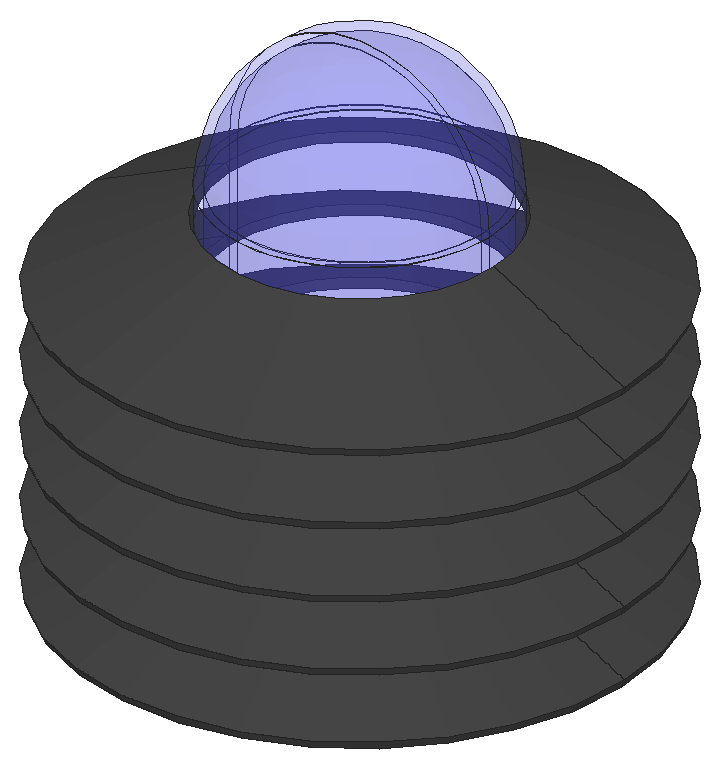
Revit family "B30", category Lighting Fixtures, Revit 2014
Parameters (values of type "B30")
  Wattage Comments = "default"
  Wattage = 12.1178 W
  built-in parameter 1150110 = 1 (stored number, unit not read)
  Voltage = 120 V
  URL = "https://www.hubbell.com/kimlighting/en/"
  Type Comments = "Lighted Bollard"  # constant formula
  built-in parameter 1114217 = 1 (stored number, unit not read)
  Tilt Angle = 90.00°
  built-in parameter 1150109 = 1 (stored number, unit not read)
  built-in parameter 1150134 = (empty or 0)
  built-in parameter 1150113 = 1 (stored number, unit not read)
  Series = "Traditional Bollards"  # constant formula
  Radius = Diameter / 2  # 0' - 4"
  Product Page URL = "https://www.hubbell.com/kimlighting/en/Products/Lighting-Controls/Commercial-Outdoor-Lighting/Bollards/B30-Traditional-Bollards/p/248474"
  Product Documentation Link = "https://hubbellcdn.com/specsheet/kl_b30led_spec.pdf"
  Power Factor = 1
  Photometric Web Link = "https://www.hubbell.com/kimlighting/en/Products/Lighting-Controls/Commercial-Outdoor-Lighting/Bollards/B30-Traditional-Bollards/p/248474#prod-photometry-section"
  Photometric Web File = "b30-8r-10l3k.ies"
  Photometric Notes = "More IES files download on Photometric Web Link"  # constant formula
  Number of Poles = 1
  Model = "B30 Traditional Bollards"  # constant formula
  MasterFormat Title = "Landscape Lighting, Site Lighting, Walkway Lighting"  # constant formula
  Manufacturer = "Kim Lighting"  # constant formula
  Lumens = 1800 lm
  built-in parameter 1150115 = 1 (stored number, unit not read)
  built-in parameter 1150105 = 143.24 (stored number, unit not read)
  Load Classification = Lighting
  built-in parameter 1150137 = (empty or 0)
  built-in parameter 1150139 = (empty or 0)
  built-in parameter 1150112 = 1 (stored number, unit not read)
  built-in parameter 1150114 = 1 (stored number, unit not read)
  Lamp = "LED"  # constant formula
  built-in parameter 1150132 = 2
  built-in parameter 1150102 = (empty or 0)
  built-in parameter 1150138 = (empty or 0)
  built-in parameter 1150107 = 3000 (stored number, unit not read)
  built-in parameter 1150106 = 1.4324 (stored number, unit not read)
  Height = 3' - 6"
  Glass = Glass-KIM-Temper Molded
  Finish = Powder Coat-Kim-Black
  built-in parameter 1150104 = 13.8 (stored number, unit not read)
  Dimming Lamp Color Temperature Shift = <None>
  Diameter = 0' - 8"  # constant formula
  Description = "The B30 Traditional Bollard is clean, simple and precise. The exclusive Kim optical louver system achieves broad light distribution with low glare yet high visibility.\r\n\r\nExclusive Kim optical louver system achieves a broad distribution with low glare\r\nBattery back-up, emergency battery pack and houseside shield options"  # constant formula
  Color Filter = 16777215
  built-in parameter 1114218 = 1 (stored number, unit not read)
  built-in parameter 1150133 = 10 (stored number, unit not read)
  Assembly Code = "D5020200"
  Apparent Load = 0 VA
Reference planes (in)
  plane 1 "Light Source Axis (F/B)": y = 0
  plane 2: z = 0
  plane 3 "Light Source Axis (L/R)": x = 0
  plane 4 "Light Source Elevation": z = 36
  plane 5 "Left": x = -4
  plane 6 "Right": x = 4
  plane 7 "Back": y = 4
  plane 8 "Front": y = -4
  plane 9 "Top": z = 42
  plane 10: z = 33
  plane 11: z = 38
Forms (in)
  Revolve 1, solid, material "Powder Coat-Kim-Black" <- "Finish", detail levels medium+fine
    sketch origin (0, 0, 0) x (1, 0, 0) y (0, 0, 1)
      loop
        line (-4, 33) -> (-1.98859, 33.93794) -> (-2.04141, 34.05123) -> (-4.05283, 33.11329) -> (-4, 33)
      loop
        line (-4, 34) -> (-1.98859, 34.93794) -> (-2.04141, 35.05123) -> (-4.05283, 34.11329) -> (-4, 34)
      loop
        line (-4, 35) -> (-1.98859, 35.93794) -> (-2.04141, 36.05123) -> (-4.05283, 35.11329) -> (-4, 35)
      loop
        line (-4, 36) -> (-1.98859, 36.93794) -> (-2.04141, 37.05123) -> (-4.05283, 36.11329) -> (-4, 36)
      loop
        line (-4, 37) -> (-1.98859, 37.93794) -> (-2.04141, 38.05123) -> (-4.05283, 37.11329) -> (-4, 37)
      axis (0, 33) -> (0, 38.05123)
    angle from 0 to 360
  Revolve 2, solid, material "Glass-KIM-Temper Molded" <- "Glass", detail levels medium+fine
    sketch origin (0, 0, 0) x (1, 0, 0) y (0, 0, 1)
      loop
        line (-1.98859, 33) -> (-1.86359, 33) -> (-1.86359, 38.43794)
        arc (-1.86359, 38.43794) -> (-1.31776, 39.75569) -> (0, 40.30152) r 1.86359
        line (0, 40.30152) -> (0, 40.42652)
        arc (0, 40.42652) -> (-1.40614, 39.84408) -> (-1.98859, 38.43794) r 1.98859
        line (-1.98859, 38.43794) -> (-1.98859, 33)
      axis (0, 33) -> (0, 40.42652)
    angle from 0 to 360
  Revolve 3, solid, material "Powder Coat-Kim-Black" <- "Finish", detail levels coarse
    sketch origin (0, 0, 0) x (1, 0, 0) y (0, 0, 1)
      loop
        line (-4, 0) -> (0, 0) -> (0, 33) -> (-4, 33) -> (-4, 0)
      loop
        line (-4, 38) -> (0, 38) -> (0, 42) -> (-3.25, 42)
        arc (-3.25, 42) -> (-3.78033, 41.78033) -> (-4, 41.25) r 0.75
        line (-4, 41.25) -> (-4, 38)
      axis (0, 42) -> (0, 0)
    angle from 0 to 360
Lines and regions (in)
  Masking region 1
    outline origin (0, 0, 0) x (1, 0, 0) y (0, 1, 0)
      loop
        circle (0, 0) r 4
  symbolic lines, style "LightingFixturesHiddenLines", detail levels fine
    curve 1: circle (-1.76777, 1.76777, 0) r 0.1875 normal (0, 0, 1)
    curve 2: circle (1.76777, 1.76777, 0) r 0.1875 normal (0, 0, -1)
    curve 3: circle (-1.76777, -1.76777, 0) r 0.1875 normal (0, 0, -1)
    curve 4: circle (1.76777, -1.76777, 0) r 0.1875 normal (0, 0, 1)
  symbolic lines, style "LightingFixturesHiddenLines", detail levels medium+fine
    curve 5: circle (0, 0, 0) r 1.875 normal (0, 0, 1)
Dimensions and locks (in)
  equal spacing: plane 7 "Back", plane 1 "Light Source Axis (F/B)", plane 8 "Front"
  "Diameter": plane 7 "Back" to plane 8 "Front"
  equal spacing: plane 5 "Left", plane 3 "Light Source Axis (L/R)", plane 6 "Right"
  "Diameter": plane 5 "Left" to plane 6 "Right"
  "Height": plane 9 "Top" to level
  imposter light to Revolve 2 sketch curve to Revolve 2 sketch curve = 0' - 1.86359" locked, 0' - 0 1/8" locked
  Revolve 2 sketch curve to Revolve 2 sketch curve to Revolve 2 sketch curve to Revolve 2 sketch curve to plane 10 = 0' - 0 1/8" locked, 0' - 1.86359" locked, 0' - 0" locked, 0' - 5.43794" locked
  locked: curve 3 to plane 8 "Front" at 2.23223
  locked: plane 7 "Back" to curve 1 at 2.23223
  locked: plane 7 "Back" to curve 2 at 2.23223
  locked: curve 4 to plane 8 "Front" at 2.23223
  locked: plane 5 "Left" to curve 1 at 2.23223
  locked: plane 5 "Left" to curve 3 at 2.23223
  locked: curve 2 to plane 6 "Right" at 2.23223
  locked: curve 4 to plane 6 "Right" at 2.23223
  locked: curve 5 to plane 1 "Light Source Axis (F/B)" at 0
  locked: curve 5 to plane 3 "Light Source Axis (L/R)" at 0
  plane 9 "Top" to plane 11 to plane 4 "Light Source Elevation" to plane 10 = 0' - 4" locked, 0' - 2" locked, 0' - 3" locked
  Revolve 1 sketch curve to Revolve 1 sketch curve to Revolve 1 sketch curve to Revolve 1 sketch curve to Revolve 1 sketch curve to Revolve 1 sketch curve to Revolve 1 sketch curve to Revolve 1 sketch curve to Revolve 1 sketch curve to Revolve 1 sketch curve to Revolve 1 sketch curve to Revolve 1 sketch curve to Revolve 1 sketch curve to Revolve 1 sketch curve to Revolve 1 sketch curve to Revolve 1 sketch curve to Revolve 1 sketch curve to Revolve 1 sketch curve to Revolve 1 sketch curve to plane 10 to Revolve 1 sketch curve = 0' - 0 29/256" locked, 0' - 0.82465" locked, 0' - 0.06206" locked, 0' - 0.05123" locked, 0' - 0.06206" locked, 0' - 0.82465" locked, 0' - 0.06206" locked, 0' - 0.05123" locked, 0' - 0.06206" locked, 0' - 0.82465" locked, 0' - 0.06206" locked, 0' - 0.05123" locked, 0' - 0.06206" locked, 0' - 0.82465" locked, 0' - 0.06206" locked, 0' - 0.05123" locked, 0' - 0.06206" locked, 0' - 0.82465" locked, 0' - 0 29/256" locked, 0' - 0" locked
  Revolve 1 sketch curve to plane 5 "Left" to Revolve 1 sketch curve to Revolve 1 sketch curve to Revolve 1 sketch curve = 0' - 0.05283" locked, 0' - 0" locked, 0' - 1.95859" locked, 0' - 0.05283" locked  (x5)
  locked: plane 1 "Light Source Axis (F/B)" to Masking region 1 sketch curve at 0
  locked: plane 3 "Light Source Axis (L/R)" to Masking region 1 sketch curve at 0
  "Radius": radius of Masking region 1 sketch curve
  aligned and locked: plane 3 "Light Source Axis (L/R)" to imposter light
  aligned and locked: plane 1 "Light Source Axis (F/B)" to imposter light
  aligned and locked: plane 4 "Light Source Elevation" to imposter light
  aligned and locked: plane 3 "Light Source Axis (L/R)" to Revolve 1 sketch curve
  aligned and locked: Revolve 2 sketch curve to plane 3 "Light Source Axis (L/R)"
  aligned and locked: Revolve 2 sketch curve to plane 10
  aligned and locked: plane 3 "Light Source Axis (L/R)" to Revolve 2 sketch curve
  aligned and locked: plane 3 "Light Source Axis (L/R)" to Revolve 3 sketch curve
  aligned and locked: Revolve 3 sketch curve to plane 11
  aligned and locked: plane 5 "Left" to Revolve 3 sketch curve
  aligned and locked: Revolve 3 sketch curve to plane 5 "Left"
  aligned and locked: Revolve 3 sketch curve to plane 3 "Light Source Axis (L/R)"  (x2)
  aligned and locked: Revolve 3 sketch curve to plane 10
  aligned and locked: level to Revolve 3 sketch curve
Automatic sketch dimensions
  Revolve 2 sketch curve to plane 10 = 0' - 1 1/4"
  Revolve 2 sketch curve to Revolve 2 sketch curve = 0' - 0.57348"
  Revolve 1 sketch curve to plane 10 = 0' - 1.37171"
  plane 11 to Revolve 1 sketch curve = 0' - 1.12829"
  Revolve 3 sketch curve to plane 9 "Top" = 0' - 0"
  Revolve 3 sketch curve to plane 5 "Left" = 0' - 0 3/4"
  Revolve 3 sketch curve to level = 0' - 7 1/2"
  Revolve 3 sketch curve to Revolve 3 sketch curve = 0' - 5 1/2"
  radius of curve 1 = 0' - 0 3/16"
  radius of curve 2 = 0' - 0 3/16"
  radius of curve 3 = 0' - 0 3/16"
  radius of curve 4 = 0' - 0 3/16"
  radius of curve 5 = 0' - 1 7/8"
Nested families (in)
  nested 1: "Notation" at (0, 4.62623, 0), type "Notation"
Connectors (in)
  electrical at (0, 0, 0), driven by "Load Classification"
    settings: on Revolve 3, index 1, voltage 120 V, apparent load 25 VA, apparent load phase1 0 VA, apparent load phase2 0 VA, apparent load phase3 0 VA, power factor 1, load classification "Lighting", number of poles 1, system type 30, power factor state 1, is connector primary yes, connector utility no, sub classification motor no, connector description "Lighting connector"
Definition of nested family "Notation"
  Parameters (values of type "Notation")
    Notation = "LF"
  Reference planes (in)
    plane 1: y = 0
    plane 2: x = 0
  Text (in)
    label "Notation" at (0.02149, 0.07192, 0), shows "Notation"
